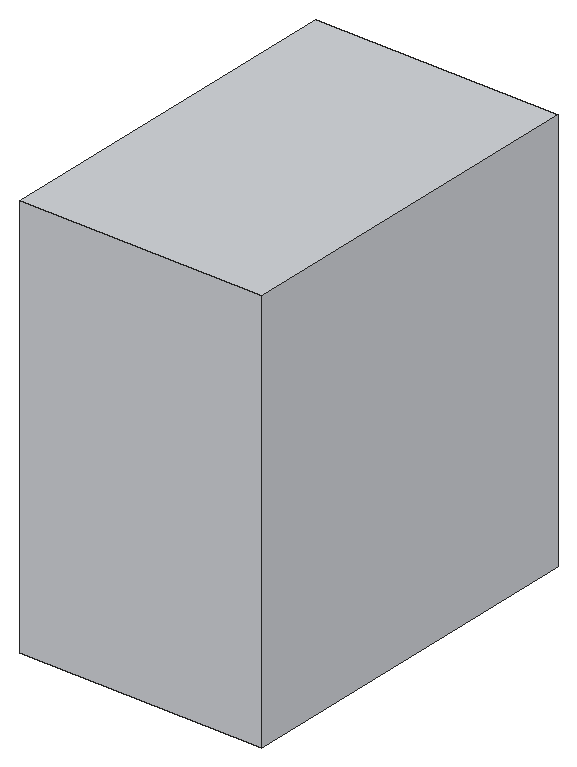
Revit family
Parameters
  Warranty Duration (Years) = 0
  Unit Width [instance] = 1' - 4 1/16"
  Unit Height [instance] = 3' - 5 1/4"
  Unit Depth = 0' - 0 1/2"
  URL = "http://www.americanspecialties.com/viewCategories.cfm"
  Trim Material = Metal - Stainless Steel
  Test Data = ""
  Specification = "http://www.arcat.com/sdspecs/htm/10810asi.htm"
  SpecWizard = ""
  Send Message = "http://www.arcat.com/users.pl?action=UserEmail&company=American%20Specialties,%20Inc.&coid=30448&rep=139&fax=914-476-0688&mf="
  Sales Information = "http://www.americanspecialties.com/contact"
  Revision = "R1_10-2010"
  Product Properties = "http://www.americanspecialties.com/datasheets/64696%20R3.pdf"
  Product Data = "http://www.arcat.com/arcatcos/cos30/arc30448.html"
  Model = "As Specified in 10 28 13"
  Manufacturer Website = "http://www.americanspecialties.com/viewCategories.cfm"
  Manufacturer Phone - Toll Free = ""
  Manufacturer Phone = "914-476-9000 "
  Manufacturer Fax = "914-476-0688"
  Manufacturer Address = "441 Saw Mill River Rd., Yonkers, NY 10701"
  Manufacturer = "American Specialties, Inc."
  Maintenance Schedule (Months) = 0
  Keynote = "10 28 13"
  Installation-Fabrication = "http://www.americanspecialties.com/products.cfm"
  Green Building-LEED = ""
  Expected Lifespan (Years) = 0
  Drawn By = "Robert S. Weygant. CSI, CDT, SCIP"  # constant formula
  Description = "Toilet Accessory as Specified in 10 28 13"
  Default Elevation = 4' - 0"
  Copyright = "©Arcat Inc."
  Construction Details = "http://www.arcat.com/green/clients/leed_data_30448.html"
  Building Codes = "http://www.americanspecialties.com/products.cfm"
  Body Material = Metal - Stainless Steel
  Assembly Code = "C1030210"
Reference planes (in)
  plane 1 "Center (Front/Back)": y = -0.29112
  plane 2 "Floor Line": z = 0
  plane 3 "Center (Left/Right)": x = -0.65843
Forms (in)
  Extrusion 1, solid
    sketch origin (-3, -9, -6) x (0, 0, -1) y (1, 0, 0)
      loop
        line (-82, 26) -> (-82, -19.34712) -> (-6, -19.34712) -> (-6, 26) -> (-82, 26)
    from 28.29112 to -41.06337
  Extrusion 2, solid, material "Metal - Stainless Steel" <- "Body Material"
    sketch origin (0, 0, 0) x (1, 0, 0) y (0, 1, 0)
      loop
        line (-7.68968, 19.33388) -> (-7.68968, -19.91612) -> (6.37282, -19.91612) -> (6.37282, 19.33388) -> (-7.68968, 19.33388)
    from 0 to -9.125
  Extrusion 3, solid, material "Metal - Stainless Steel" <- "Body Material"
    sketch origin (-0.90625, -0.29112, 0) x (1, 0, 0) y (0, 0, 1)
      loop
        line (-7.78343, 0) -> (8.27907, 0) -> (8.27907, 0.5) -> (-7.78343, 0.5) -> (-7.78343, 0)
    from -20.625 to 20.625
  Extrusion 4, solid, material "Metal - Stainless Steel" <- "Trim Material"
    sketch origin (0, 0, -0.4375) x (1, 0, 0) y (0, 1, 0)
      loop
        circle (5.37282, 11.83388) r 0.5
      loop
        line (5.316, 11.41524) -> (5.42963, 11.41524) -> (5.42963, 12.26475) -> (5.316, 12.26475) -> (5.316, 11.41524)
      loop
        circle (5.37282, -12.41612) r 0.5
      loop
        line (5.316, -11.99747) -> (5.316, -12.84698) -> (5.42963, -12.84698) -> (5.42963, -11.99747) -> (5.316, -11.99747)
    from 0.9375 to 1
  Extrusion 5, void
    sketch origin (-0.65843, 0, 0) x (0, 1, 0) y (0, 0, 1)
      loop
        line (6.70888, 0.5) -> (-1.79112, 0.5) -> (-1.79112, -8.72533) -> (6.70888, -8.72533) -> (6.70888, 0.5)
    from -6.03125 to 6.03125
  Extrusion 6, solid, material "Metal - Stainless Steel" <- "Body Material"
    sketch origin (0, 0, 0) x (1, 0, 0) y (0, 1, 0)
      loop
        line (-6.68968, 6.70888) -> (-6.68968, 4.20888) -> (5.37282, 4.20888) -> (5.37282, 6.70888) -> (4.87282, 6.70888) -> (4.41108, 4.70888) -> (-5.72795, 4.70888) -> (-6.18968, 6.70888) -> (-6.68968, 6.70888)
    from 0 to -8.72533
  Extrusion 7, void
    sketch origin (0, 0, 0) x (1, 0, 0) y (0, 1, 0)
      loop
        line (-7.68968, 19.33388) -> (-7.68968, -19.91612) -> (6.37282, -19.91612) -> (6.37282, 19.33388) -> (-7.68968, 19.33388)
    from 0 to -9.125
  Extrusion 8, solid, material "Metal - Stainless Steel" <- "Trim Material"
    sketch origin (0, 0, 0) x (1, 0, 0) y (0, 1, 0)
      loop
        line (2.98508, 14.70888) -> (2.98508, 9.70888) -> (3.98508, 9.70888) -> (3.98508, 14.70888) -> (2.98508, 14.70888)
      loop
        line (3.04758, 9.77138) -> (3.92258, 9.77138) -> (3.92258, 14.64638) -> (3.04758, 14.64638) -> (3.04758, 9.77138)
    from 0.5 to 0.5625
  Extrusion 9, void
    sketch origin (0.0184, 0, 0) x (1, 0, 0) y (0, 1, 0)
      loop
        line (3.27142, 14.39428) -> (3.27142, 9.92475) -> (3.66193, 9.92475) -> (3.66193, 14.39428) -> (3.27142, 14.39428)
    from 0.04464 to 0.5
  Extrusion 10, solid, material "Metal - Stainless Steel" <- "Trim Material"
    sketch origin (-0.23664, -0.01827, -0.11976) x (0, 1, 0) y (0, 0, 1)
      loop
        line (14.48996, 0.86976) -> (14.23996, 1.36976) -> (13.98996, 1.36976) -> (13.98996, 0.86976) -> (14.48996, 0.86976)
    from 3.44343 to 4
  Extrusion 11, solid, material "Metal - Stainless Steel" <- "Trim Material"
    sketch origin (-0.65843, -0.09978, -0.11976) x (0, 1, 0) y (0, 0, 1)
      loop
        line (14.49406, 0.86976) -> (14.1489, 0.86976) -> (14.1489, 0.1644) -> (14.49406, 0.1644) -> (14.49406, 0.86976)
    from 3.94825 to 4.33876
Cuts and joins
  Extrusion 5, Extrusion 9 cuts Extrusion 2
  Extrusion 5, Extrusion 9 cuts Extrusion 3
  Extrusion 9 cuts Extrusion 8
Dimensions and locks (in)
  Extrusion 3 sketch curve to Extrusion 3 sketch curve = 1' - 4 1/16"
  Extrusion 3 sketch curve to Extrusion 3 sketch curve = 0' - 0 1/2"
  aligned and locked: Extrusion 1 to level
